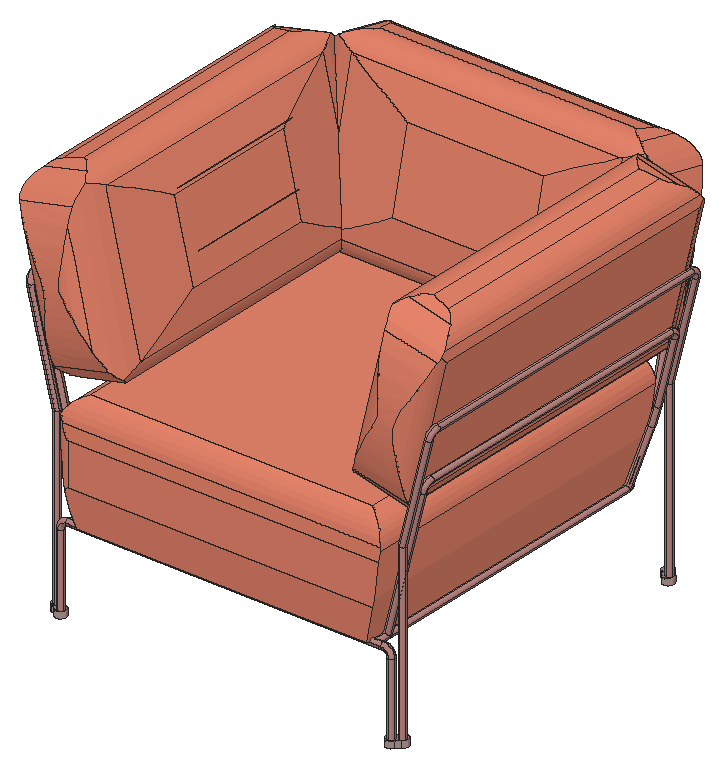
Revit family "FU_Modular_Sandler_Ari 1312", category Furniture, Revit 2020
Family settings
  OmniClass Number = 23.40.20.00
  OmniClass Title = General Furniture and Specialties
  Work Plane-Based = No
  Always vertical = Yes
  Cut with Voids When Loaded = No
  Shared = No
  Room Calculation Point = No
Parameters (values of type "Ari 1312")
  Width = 840 mm
  URL = "https://www.sandlerseating.com/product/ari-1312/"
  Seat [instance] = Fabric - Manhattan - Lexington YI113
  Model = "Ari 1312"
  Manufacturer = "Sandler"
  Height = 780 mm
  Frame [instance] = Metal - Paint -AL VR - Coral Red
  Description = "Indoor armchair that features a double backrest support made of steel tubing. This elegant upholstered chair is part of the Ari range of indoor modular seating."
  Depth = 780 mm
  Default Elevation = 0 mm
  Back [instance] = Fabric - Manhattan - Lexington YI113
Reference planes
  plane 1 "Center (Front/Back)": y = 0
  plane 2: z = 0
  plane 3 "Center (Left/Right)": x = 0
  plane 4 "Right": x = -360
  plane 5 "Left": x = 360
  plane 6 "Back": y = 390
  plane 7 "Front": y = -390
  plane 8 "Height": z = 780
  plane 9 "Seat height": z = 420
  plane 10 "Frame Front C TOP": y = -372.654
  plane 11 "Frame Left C TOP": x = 337.638
  plane 12 "Feet Right": z = 12
  plane 13 "Frame Height C RIGHT": z = 173.508
  plane 14 "Right Arm": x = -420
  plane 15 "Frame Back AC RIGHT": through (4267.2, 277.413, 181.26) normal (0, -0.9703, 0.2421)
  plane 16 "Frame Back C RIGHT": y = 321.991
  plane 17 "Center L/T": x = 420
Forms (mm)
  Extrusion 1, solid, material "Fabric - Manhattan - Lexington YI113" <- "Seat"
    sketch origin (0, 0, 173.508) x (1, 0, 0) y (0, 1, 0)
      loop
        arc (-313.239, 303.733) -> (-336.927, 293.921) -> (-346.739, 270.233) r 33.5
        line (-346.739, 270.233) -> (-346.739, -356.5)
        arc (-346.739, -356.5) -> (-336.927, -380.188) -> (-313.239, -390) r 33.5
        line (-313.239, -390) -> (313.204, -390)
        arc (313.204, -390) -> (336.892, -380.188) -> (346.704, -356.5) r 33.5
        line (346.704, -356.5) -> (346.704, 270.233)
        arc (346.704, 270.233) -> (336.892, 293.921) -> (313.204, 303.733) r 33.5
        line (313.204, 303.733) -> (-313.239, 303.733)
    from 0 to 233.363
  Sweep 2, solid, material "Metal - Paint -AL VR - Coral Red" <- "Frame"
    path origin (0, -372.654, 0) x (1, 0, 0) y (0, 0, 1)
      loop
        line (-341.388, 12) -> (-341.388, 158.008)
        arc (-341.388, 158.008) -> (-336.848, 168.968) -> (-325.888, 173.508) r 15.5
        line (-325.888, 173.508) -> (308.101, 173.508)
        arc (308.101, 173.508) -> (319.061, 168.968) -> (323.601, 158.008) r 15.5
        line (323.601, 158.008) -> (323.601, 12)
    profile "Pro_Circles : 13mm" origin (-341.388, -372.654, 85.004) x (-1, 0, 0) y (0, -1, 0)
      loop
        arc (-6.467, 0.067) -> (-4.64, -4.545) -> (-0.067, -6.467) r 6.401
        arc (-0.067, -6.467) -> (4.593, -4.594) -> (6.467, 0.067) r 6.402
        arc (6.467, 0.067) -> (4.545, 4.64) -> (-0.067, 6.467) r 6.401
        arc (-0.067, 6.467) -> (-4.592, 4.592) -> (-6.467, 0.067) r 6.4
  Sweep 3, solid, material "Metal - Paint -AL VR - Coral Red" <- "Frame"
    path origin (0, 321.991, 0) x (0, 0, 1) y (1, 0, 0)
      loop
        line (12, -343.741) -> (420, -343.741)
    profile "Pro_Circles : 13mm" origin (-343.741, 321.991, 216) x (1, 0, 0) y (0, 1, 0)
      loop
        arc (-6.467, 0.067) -> (-4.64, -4.545) -> (-0.067, -6.467) r 6.401
        arc (-0.067, -6.467) -> (4.593, -4.594) -> (6.467, 0.067) r 6.402
        arc (6.467, 0.067) -> (4.545, 4.64) -> (-0.067, 6.467) r 6.401
        arc (-0.067, 6.467) -> (-4.592, 4.592) -> (-6.467, 0.067) r 6.4
  Sweep 4, solid, material "Metal - Paint -AL VR - Coral Red" <- "Frame"
    path origin (-17.502, 321.991, 0) x (0, 0, 1) y (-1, 0, 0)
      loop
        line (12, -343.741) -> (420, -343.741)
    profile "Pro_Circles : 13mm" origin (326.238, 321.991, 216) x (1, 0, 0) y (0, 1, 0)
      loop
        arc (6.467, 0.067) -> (4.592, 4.592) -> (0.067, 6.467) r 6.4
        arc (0.067, 6.467) -> (-4.545, 4.64) -> (-6.467, 0.067) r 6.401
        arc (-6.467, 0.067) -> (-4.593, -4.594) -> (0.067, -6.467) r 6.402
        arc (0.067, -6.467) -> (4.64, -4.545) -> (6.467, 0.067) r 6.401
  Sweep 5, solid, material "Metal - Paint -AL VR - Coral Red" <- "Frame"
    path origin (0, 218.581, -54.537) x (0, -0.242083, -0.970256) y (1, 0, 0)
      loop
        line (-392.584, -343.94) -> (-642.584, -343.94)
        arc (-642.584, -343.94) -> (-653.544, -339.4) -> (-658.084, -328.44) r 15.5
        line (-658.084, -328.44) -> (-658.084, 310.706)
        arc (-658.084, 310.706) -> (-653.544, 321.666) -> (-642.584, 326.206) r 15.5
        line (-642.584, 326.206) -> (-392.584, 326.206)
    profile "Pro_Circles : 13mm" origin (-343.94, 343.879, 447.652) x (-1, 0, 0) y (0, -0.970256, 0.242083)
      loop
        arc (-6.467, 0.067) -> (-4.64, -4.545) -> (-0.067, -6.467) r 6.401
        arc (-0.067, -6.467) -> (4.593, -4.594) -> (6.467, 0.067) r 6.402
        arc (6.467, 0.067) -> (4.545, 4.64) -> (-0.067, 6.467) r 6.401
        arc (-0.067, 6.467) -> (-4.592, 4.592) -> (-6.467, 0.067) r 6.4
  Extrusion 6, void
    sketch origin (0, 0, 0) x (0, 1, 0) y (0, 0, 1)
      loop
        line (297.177, 362.973) -> (297.177, 316.005) -> (346.804, 316.005) -> (346.804, 356.876) -> (297.177, 362.973)
    from -420 to 360
  Extrusion 7, void
    sketch origin (0, 0, 0) x (0, 1, 0) y (0, 0, 1)
      loop
        line (297.177, 362.973) -> (346.804, 356.876) -> (346.804, 423.527) -> (297.177, 423.527) -> (297.177, 362.973)
    from -420 to 360
  Sweep 8, solid, material "Metal - Paint -AL VR - Coral Red" <- "Frame"
    path origin (0, 218.581, -54.537) x (0, -0.242083, -0.970256) y (1, 0, 0)
      loop
        line (-235.112, -297.339) -> (-350.831, -321.742)
        arc (-350.831, -321.742) -> (-370.032, -324.759) -> (-389.442, -325.768) r 187.127
        line (-389.442, -325.768) -> (-528.112, -325.768)
        arc (-528.112, -325.768) -> (-539.072, -321.229) -> (-543.612, -310.268) r 15.5
        line (-543.612, -310.268) -> (-543.612, 291.731)
        arc (-543.612, 291.731) -> (-539.072, 302.691) -> (-528.112, 307.231) r 15.5
        line (-528.112, 307.231) -> (-391.142, 307.231)
        arc (-391.142, 307.231) -> (-371.665, 306.214) -> (-352.4, 303.176) r 187.1
        line (-352.4, 303.176) -> (-233.557, 278.022)
    profile "Pro_Circles : 13mm" origin (-9.269, 350.18, 472.905) x (0, 0.242083, 0.970256) y (0, -0.970256, 0.242083)
      loop
        arc (-6.467, 0.067) -> (-4.64, -4.545) -> (-0.067, -6.467) r 6.401
        arc (-0.067, -6.467) -> (4.593, -4.594) -> (6.467, 0.067) r 6.402
        arc (6.467, 0.067) -> (4.545, 4.64) -> (-0.067, 6.467) r 6.401
        arc (-0.067, 6.467) -> (-4.592, 4.592) -> (-6.467, 0.067) r 6.4
  Sweep 9, solid, material "Metal - Paint -AL VR - Coral Red" <- "Frame"
    path origin (-357.841, -35.2, 0) x (0, 0, 1) y (0, 1, 0)
      loop
        line (12, 343.741) -> (420, 343.741)
    profile "Pro_Circles : 13mm" origin (-357.841, 308.541, 216) x (0, 1, 0) y (-1, 0, 0)
      loop
        arc (6.467, 0.067) -> (4.592, 4.592) -> (0.067, 6.467) r 6.4
        arc (0.067, 6.467) -> (-4.545, 4.64) -> (-6.467, 0.067) r 6.401
        arc (-6.467, 0.067) -> (-4.593, -4.594) -> (0.067, -6.467) r 6.402
        arc (0.067, -6.467) -> (4.64, -4.545) -> (6.467, 0.067) r 6.401
  Sweep 10, solid, material "Metal - Paint -AL VR - Coral Red" <- "Frame"
    path origin (-357.841, -17.697, 0) x (0, 0, 1) y (0, 1, 0)
      loop
        line (12, -343.741) -> (420, -343.741)
    profile "Pro_Circles : 13mm" origin (-357.841, -361.438, 216) x (0, 1, 0) y (-1, 0, 0)
      loop
        arc (-6.467, 0.067) -> (-4.64, -4.545) -> (-0.067, -6.467) r 6.401
        arc (-0.067, -6.467) -> (4.593, -4.594) -> (6.467, 0.067) r 6.402
        arc (6.467, 0.067) -> (4.545, 4.64) -> (-0.067, 6.467) r 6.401
        arc (-0.067, 6.467) -> (-4.592, 4.592) -> (-6.467, 0.067) r 6.4
  Sweep 11, solid, material "Metal - Paint -AL VR - Coral Red" <- "Frame"
    path origin (-254.43, -35.2, -54.537) x (0.242083, 0, -0.970256) y (0, 1, 0)
      loop
        line (-392.584, 343.94) -> (-642.584, 343.94)
        arc (-642.584, 343.94) -> (-653.544, 339.4) -> (-658.084, 328.44) r 15.5
        line (-658.084, 328.44) -> (-658.084, -310.706)
        arc (-658.084, -310.706) -> (-653.544, -321.666) -> (-642.584, -326.206) r 15.5
        line (-642.584, -326.206) -> (-392.584, -326.206)
    profile "Pro_Circles : 13mm" origin (-379.729, -361.405, 447.652) x (0, -1, 0) y (0.970256, 0, 0.242083)
      loop
        arc (6.467, 0.067) -> (4.592, 4.592) -> (0.067, 6.467) r 6.4
        arc (0.067, 6.467) -> (-4.545, 4.64) -> (-6.467, 0.067) r 6.401
        arc (-6.467, 0.067) -> (-4.593, -4.594) -> (0.067, -6.467) r 6.402
        arc (0.067, -6.467) -> (4.64, -4.545) -> (6.467, 0.067) r 6.401
  Extrusion 12, void
    sketch origin (-35.85, -35.2, 0) x (-1, 0, 0) y (0, 0, -1)
      loop
        line (297.177, -362.973) -> (346.804, -356.876) -> (346.804, -316.005) -> (297.177, -316.005) -> (297.177, -362.973)
    from -425.2 to 354.8
  Extrusion 13, void
    sketch origin (-35.85, -35.2, 0) x (-1, 0, 0) y (0, 0, -1)
      loop
        line (297.177, -362.973) -> (297.177, -423.527) -> (346.804, -423.527) -> (346.804, -356.876) -> (297.177, -362.973)
    from -425.2 to 354.8
  Sweep 14, solid, material "Metal - Paint -AL VR - Coral Red" <- "Frame"
    path origin (-254.43, -35.2, -54.537) x (0.242083, 0, -0.970256) y (0, 1, 0)
      loop
        line (-235.112, 297.339) -> (-350.831, 321.742)
        arc (-350.831, 321.742) -> (-370.032, 324.759) -> (-389.442, 325.768) r 187.127
        line (-389.442, 325.768) -> (-528.112, 325.768)
        arc (-528.112, 325.768) -> (-539.072, 321.229) -> (-543.612, 310.268) r 15.5
        line (-543.612, 310.268) -> (-543.612, -291.731)
        arc (-543.612, -291.731) -> (-539.072, -302.691) -> (-528.112, -307.231) r 15.5
        line (-528.112, -307.231) -> (-235.507, -307.231)
    profile "Pro_Circles : 13mm" origin (-386.03, -25.931, 472.905) x (0.242083, 0, -0.970256) y (0.970256, 0, 0.242083)
      loop
        arc (6.467, 0.067) -> (4.592, 4.592) -> (0.067, 6.467) r 6.4
        arc (0.067, 6.467) -> (-4.545, 4.64) -> (-6.467, 0.067) r 6.401
        arc (-6.467, 0.067) -> (-4.593, -4.594) -> (0.067, -6.467) r 6.402
        arc (0.067, -6.467) -> (4.64, -4.545) -> (6.467, 0.067) r 6.401
  Sweep 15, solid, material "Metal - Paint -AL VR - Coral Red" <- "Frame"
    path origin (0, 0, 173.508) x (1, 0, 0) y (0, 1, 0)
      loop
        line (-310.747, -372.654) -> (-310.747, 260.072)
        arc (-310.747, 260.072) -> (-306.208, 271.032) -> (-295.247, 275.572) r 15.5
        line (-295.247, 275.572) -> (276.364, 275.572)
        arc (276.364, 275.572) -> (287.325, 271.032) -> (291.864, 260.072) r 15.5
        line (291.864, 260.072) -> (291.864, -372.654)
    profile "Pro_Circles : 13mm" origin (-9.441, 275.572, 173.508) x (0, 1, 0) y (0, 0, 1)
      loop
        arc (-6.467, 0.067) -> (-4.64, -4.545) -> (-0.067, -6.467) r 6.401
        arc (-0.067, -6.467) -> (4.593, -4.594) -> (6.467, 0.067) r 6.402
        arc (6.467, 0.067) -> (4.545, 4.64) -> (-0.067, 6.467) r 6.401
        arc (-0.067, 6.467) -> (-4.592, 4.592) -> (-6.467, 0.067) r 6.4
  Extrusion 16, void
    sketch origin (0, 23.028, -0.944) x (0, 1, 0) y (0, 0, 1)
      loop
        arc (279.345, 364.934) -> (266.59, 262.706) -> (239.146, 163.408) r 708.516
        line (239.146, 163.408) -> (325.45, 163.408) -> (325.45, 441.519) -> (222.591, 441.519) -> (222.591, 423.086)
        arc (222.591, 423.086) -> (263.219, 405.967) -> (279.345, 364.934) r 56.771
    from -360 to 360
  Extrusion 17, void
    sketch origin (-43.011, -148.912, -13.78) x (-1, 0, 0) y (0, 0, 1)
      loop
        arc (290.858, 364.836) -> (278.103, 262.608) -> (250.659, 163.311) r 708.516
        line (250.659, 163.311) -> (336.963, 163.311) -> (336.963, 441.421) -> (234.104, 441.421) -> (234.104, 422.988)
        arc (234.104, 422.988) -> (274.732, 405.869) -> (290.858, 364.836) r 56.771
    from -241.088 to 538.912
  Extrusion 18, solid, material "Rubber, Black"
    sketch origin (-35.941, -8.051, 0) x (-0.993563, 0.113279, 0) y (-0.113279, -0.993563, 0)
      loop
        arc (-324.942, -350.4) -> (-342.844, -347.544) -> (-338.901, -365.238) r 10.957
        arc (-338.901, -365.238) -> (-334.399, -367.677) -> (-331.489, -371.888) r 11
        arc (-331.489, -371.888) -> (-313.526, -375.765) -> (-317.057, -357.734) r 11
        arc (-317.057, -357.734) -> (-321.958, -355.098) -> (-324.942, -350.4) r 11
    from 0 to 12
  Extrusion 19, solid, material "Rubber, Black"
    sketch origin (16.177, -7.113, 0) x (0.993563, 0.113279, 0) y (-0.113279, 0.993563, 0)
      loop
        arc (-324.942, 350.4) -> (-321.958, 355.098) -> (-317.057, 357.734) r 11
        arc (-317.057, 357.734) -> (-313.526, 375.765) -> (-331.489, 371.888) r 11
        arc (-331.489, 371.888) -> (-334.399, 367.677) -> (-338.901, 365.238) r 11
        arc (-338.901, 365.238) -> (-342.844, 347.544) -> (-324.942, 350.4) r 10.957
    from 0 to 12
  Extrusion 20, solid, material "Rubber, Black"
    sketch origin (-71.376, 34.585, 0) x (0.991455, 0.130451, 0) y (-0.130451, 0.991455, 0)
      loop
        arc (-324.942, -350.4) -> (-342.844, -347.544) -> (-338.901, -365.238) r 10.957
        arc (-338.901, -365.238) -> (-334.399, -367.677) -> (-331.489, -371.888) r 11
        arc (-331.489, -371.888) -> (-313.526, -375.765) -> (-317.057, -357.734) r 11
        arc (-317.057, -357.734) -> (-321.958, -355.098) -> (-324.942, -350.4) r 11
    from 0 to 12
  Extrusion 21, solid, material "Rubber, Black"
    sketch origin (-2.069, -8.413, 0) x (-0.99993, -0.01187, 0) y (0.01187, -0.99993, 0)
      loop
        arc (-324.942, 350.4) -> (-321.958, 355.098) -> (-317.057, 357.734) r 11
        arc (-317.057, 357.734) -> (-313.526, 375.765) -> (-331.489, 371.888) r 11
        arc (-331.489, 371.888) -> (-334.399, 367.677) -> (-338.901, 365.238) r 11
        arc (-338.901, 365.238) -> (-342.844, 347.544) -> (-324.942, 350.4) r 10.957
    from 0 to 12
  Sweep 22, solid, material "Metal - Paint -AL VR - Coral Red" <- "Frame"
    path origin (337.572, -35.2, 0) x (0, 0, 1) y (0, -1, 0)
      loop
        line (12, -343.741) -> (420, -343.741)
    profile "Pro_Circles : 13mm" origin (337.572, 308.541, 216) x (0, -1, 0) y (1, 0, 0)
      loop
        arc (-6.467, 0.067) -> (-4.64, -4.545) -> (-0.067, -6.467) r 6.401
        arc (-0.067, -6.467) -> (4.593, -4.594) -> (6.467, 0.067) r 6.402
        arc (6.467, 0.067) -> (4.545, 4.64) -> (-0.067, 6.467) r 6.401
        arc (-0.067, 6.467) -> (-4.592, 4.592) -> (-6.467, 0.067) r 6.4
  Sweep 23, solid, material "Metal - Paint -AL VR - Coral Red" <- "Frame"
    path origin (337.572, -17.697, 0) x (0, 0, 1) y (0, -1, 0)
      loop
        line (12, 343.741) -> (420, 343.741)
    profile "Pro_Circles : 13mm" origin (337.572, -361.438, 216) x (0, -1, 0) y (1, 0, 0)
      loop
        arc (6.467, 0.067) -> (4.592, 4.592) -> (0.067, 6.467) r 6.4
        arc (0.067, 6.467) -> (-4.545, 4.64) -> (-6.467, 0.067) r 6.401
        arc (-6.467, 0.067) -> (-4.593, -4.594) -> (0.067, -6.467) r 6.402
        arc (0.067, -6.467) -> (4.64, -4.545) -> (6.467, 0.067) r 6.401
  Sweep 24, solid, material "Metal - Paint -AL VR - Coral Red" <- "Frame"
    path origin (234.161, -35.2, -54.537) x (-0.242083, 0, -0.970256) y (0, -1, 0)
      loop
        line (-392.584, -343.94) -> (-642.584, -343.94)
        arc (-642.584, -343.94) -> (-653.544, -339.4) -> (-658.084, -328.44) r 15.5
        line (-658.084, -328.44) -> (-658.084, 310.706)
        arc (-658.084, 310.706) -> (-653.544, 321.666) -> (-642.584, 326.206) r 15.5
        line (-642.584, 326.206) -> (-392.584, 326.206)
    profile "Pro_Circles : 13mm" origin (359.46, 308.74, 447.652) x (0, 1, 0) y (-0.970256, 0, 0.242083)
      loop
        arc (-6.467, 0.067) -> (-4.64, -4.545) -> (-0.067, -6.467) r 6.401
        arc (-0.067, -6.467) -> (4.593, -4.594) -> (6.467, 0.067) r 6.402
        arc (6.467, 0.067) -> (4.545, 4.64) -> (-0.067, 6.467) r 6.401
        arc (-0.067, 6.467) -> (-4.592, 4.592) -> (-6.467, 0.067) r 6.4
  Extrusion 25, void
    sketch origin (15.581, -35.2, 0) x (1, 0, 0) y (0, 0, 1)
      loop
        line (297.177, 362.973) -> (297.177, 316.005) -> (346.804, 316.005) -> (346.804, 356.876) -> (297.177, 362.973)
    from -425.2 to 354.8
  Extrusion 26, void
    sketch origin (15.581, -35.2, 0) x (1, 0, 0) y (0, 0, 1)
      loop
        line (297.177, 362.973) -> (346.804, 356.876) -> (346.804, 423.527) -> (297.177, 423.527) -> (297.177, 362.973)
    from -425.2 to 354.8
  Sweep 27, solid, material "Metal - Paint -AL VR - Coral Red" <- "Frame"
    path origin (234.161, -35.2, -54.537) x (-0.242083, 0, -0.970256) y (0, -1, 0)
      loop
        line (-235.112, -297.339) -> (-350.831, -321.742)
        arc (-350.831, -321.742) -> (-370.032, -324.759) -> (-389.442, -325.768) r 187.127
        line (-389.442, -325.768) -> (-528.112, -325.768)
        arc (-528.112, -325.768) -> (-539.072, -321.229) -> (-543.612, -310.268) r 15.5
        line (-543.612, -310.268) -> (-543.612, 291.731)
        arc (-543.612, 291.731) -> (-539.072, 302.691) -> (-528.112, 307.231) r 15.5
        line (-528.112, 307.231) -> (-235.507, 307.231)
    profile "Pro_Circles : 13mm" origin (365.76, -25.931, 472.905) x (0.242083, 0, 0.970256) y (-0.970256, 0, 0.242083)
      loop
        arc (-6.467, 0.067) -> (-4.64, -4.545) -> (-0.067, -6.467) r 6.401
        arc (-0.067, -6.467) -> (4.593, -4.594) -> (6.467, 0.067) r 6.402
        arc (6.467, 0.067) -> (4.545, 4.64) -> (-0.067, 6.467) r 6.401
        arc (-0.067, 6.467) -> (-4.592, 4.592) -> (-6.467, 0.067) r 6.4
  Extrusion 28, void
    sketch origin (0, 0, 0) x (0, 1, 0) y (0, 0, 1)
      loop
        arc (-387.696, 358.875) -> (-378.325, 386.293) -> (-357.927, 406.871) r 64.696
        line (-357.927, 406.871) -> (-357.927, 429.285) -> (-409.598, 429.285) -> (-409.598, 144.166) -> (-375.683, 144.166)
        arc (-375.683, 144.166) -> (-390.262, 251.041) -> (-387.696, 358.875) r 677.536
    from -360 to 360
  Extrusion 29, void
    sketch origin (23.265, -148.912, -13.78) x (1, 0, 0) y (0, 0, -1)
      loop
        arc (290.858, -364.836) -> (274.732, -405.869) -> (234.104, -422.988) r 56.771
        line (234.104, -422.988) -> (234.104, -441.421) -> (336.963, -441.421) -> (336.963, -163.311) -> (250.659, -163.311)
        arc (250.659, -163.311) -> (278.103, -262.608) -> (290.858, -364.836) r 708.516
    from -241.088 to 538.912
Cuts and joins
  Extrusion 16, Extrusion 17, Extrusion 28, Extrusion 29 cuts Extrusion 1
  Extrusion 13, Extrusion 25, Extrusion 26 cuts Sweep 10
  Extrusion 12, Extrusion 25, Extrusion 26 cuts Sweep 11
  Extrusion 13, Extrusion 25, Extrusion 26 cuts Sweep 9
  Extrusion 7 cuts Sweep 4
  Extrusion 6 cuts Sweep 5
  Extrusion 7, Extrusion 25 cuts Sweep 3
  Extrusion 25 cuts Sweep 14
  Extrusion 25 cuts Sweep 24
  Extrusion 26 cuts Sweep 22
  Extrusion 26 cuts Sweep 23
Dimensions and locks
  equal spacing: plane 14 "Right Arm", plane 3 "Center (Left/Right)", plane 17 "Center L/T"
  "Width": plane 14 "Right Arm" to plane 17 "Center L/T"
  equal spacing: plane 6 "Back", plane 1 "Center (Front/Back)", plane 7 "Front"
  "Depth": plane 6 "Back" to plane 7 "Front"
  "Height": plane 8 "Height" to level
  plane 9 "Seat height" to level = 420 mm
  aligned and locked: level to plane 2
Automatic sketch dimensions
  Extrusion 1 sketch curve to plane 7 "Front" = 0 mm
  Extrusion 1 sketch curve to plane 4 "Right" = 13.261 mm
  Extrusion 1 sketch curve to plane 4 "Right" = 46.761 mm
  Extrusion 1 sketch curve to Extrusion 1 sketch curve = 33.5 mm
  plane 11 "Frame Left C TOP" to Extrusion 1 sketch curve = 24.434 mm  (x2)
  Extrusion 1 sketch curve to plane 11 "Frame Left C TOP" = 9.066 mm
  Extrusion 1 sketch curve to plane 16 "Frame Back C RIGHT" = 51.758 mm
  Sweep 2 sketch curve to plane 12 "Feet Right" = 0 mm  (x2)
  Sweep 2 sketch curve to plane 13 "Frame Height C RIGHT" = 0 mm
  Sweep 2 sketch curve to plane 4 "Right" = 18.612 mm
  plane 13 "Frame Height C RIGHT" to Sweep 2 sketch curve = 15.5 mm
  plane 11 "Frame Left C TOP" to Sweep 2 sketch curve = 29.538 mm
  plane 11 "Frame Left C TOP" to Sweep 2 sketch curve = 14.038 mm
  Sweep 3 sketch curve to plane 12 "Feet Right" = 0 mm
  Sweep 3 sketch curve to plane 9 "Seat height" = 0 mm
  Sweep 3 sketch curve to plane 4 "Right" = 16.259 mm
  Sweep 4 sketch curve to plane 12 "Feet Right" = 0 mm
  Sweep 4 sketch curve to plane 9 "Seat height" = 0 mm
  Sweep 4 sketch curve to plane 11 "Frame Left C TOP" = 11.4 mm
  Sweep 5 sketch curve to plane 4 "Right" = 31.56 mm
  Sweep 5 sketch curve to plane 4 "Right" = 16.06 mm
  plane 11 "Frame Left C TOP" to Sweep 5 sketch curve = 11.433 mm
  Sweep 5 sketch curve to Sweep 5 sketch curve = 15.5 mm
  Sweep 5 sketch curve to Sweep 5 sketch curve = 250 mm  (x2)
  Extrusion 6 sketch curve to plane 16 "Frame Back C RIGHT" = 24.814 mm
  plane 16 "Frame Back C RIGHT" to Extrusion 6 sketch curve = 24.813 mm
  Extrusion 6 sketch curve to plane 9 "Seat height" = 103.995 mm
  Extrusion 6 sketch curve to Extrusion 6 sketch curve = 40.871 mm
  Extrusion 6 sketch curve to Extrusion 6 sketch curve = 46.968 mm
  plane 9 "Seat height" to Extrusion 7 sketch curve = 3.527 mm
  Extrusion 7 sketch curve to plane 16 "Frame Back C RIGHT" = 24.814 mm
  plane 16 "Frame Back C RIGHT" to Extrusion 7 sketch curve = 24.813 mm
  Extrusion 7 sketch curve to plane 9 "Seat height" = 57.027 mm
  Extrusion 7 sketch curve to Extrusion 7 sketch curve = 6.098 mm
  Sweep 9 sketch curve to plane 12 "Feet Right" = 0 mm
  Sweep 9 sketch curve to plane 9 "Seat height" = 0 mm
  Sweep 9 sketch curve to plane 16 "Frame Back C RIGHT" = 13.45 mm
  Sweep 10 sketch curve to plane 12 "Feet Right" = 0 mm
  Sweep 10 sketch curve to plane 9 "Seat height" = 0 mm
  Sweep 10 sketch curve to plane 10 "Frame Front C TOP" = 11.216 mm
  Sweep 11 sketch curve to plane 16 "Frame Back C RIGHT" = 28.751 mm
  Sweep 11 sketch curve to plane 16 "Frame Back C RIGHT" = 13.251 mm
  Sweep 11 sketch curve to plane 10 "Frame Front C TOP" = 11.249 mm
  Sweep 11 sketch curve to Sweep 11 sketch curve = 15.5 mm
  Sweep 11 sketch curve to Sweep 11 sketch curve = 250 mm  (x2)
  Extrusion 12 sketch curve to plane 4 "Right" = 26.973 mm
  plane 4 "Right" to Extrusion 12 sketch curve = 22.654 mm
  Extrusion 12 sketch curve to plane 9 "Seat height" = 57.027 mm
  Extrusion 12 sketch curve to Extrusion 12 sketch curve = 6.098 mm
  Extrusion 12 sketch curve to Extrusion 12 sketch curve = 40.871 mm
  plane 9 "Seat height" to Extrusion 13 sketch curve = 3.527 mm
  Extrusion 13 sketch curve to plane 4 "Right" = 26.973 mm
  plane 4 "Right" to Extrusion 13 sketch curve = 22.654 mm
  Extrusion 13 sketch curve to plane 9 "Seat height" = 57.027 mm
  Extrusion 13 sketch curve to Extrusion 13 sketch curve = 6.098 mm
  Sweep 14 sketch curve to plane 16 "Frame Back C RIGHT" = 46.922 mm
  Sweep 14 sketch curve to Sweep 14 sketch curve = 15.5 mm  (x2)
  Sweep 14 sketch curve to Sweep 14 sketch curve = 138.669 mm
  Sweep 14 sketch curve to plane 16 "Frame Back C RIGHT" = 35.449 mm
  Sweep 14 sketch curve to Sweep 14 sketch curve = 38.611 mm
  Sweep 14 sketch curve to plane 10 "Frame Front C TOP" = 45.724 mm
  Sweep 14 sketch curve to Sweep 14 sketch curve = 292.605 mm
  Sweep 14 sketch curve to plane 16 "Frame Back C RIGHT" = 59.852 mm
  Sweep 14 sketch curve to Sweep 14 sketch curve = 115.719 mm
  Extrusion 16 sketch curve to plane 7 "Front" = 15.21 mm
  plane 9 "Seat height" to Extrusion 16 sketch curve = 20.575 mm
  Extrusion 16 sketch curve to plane 16 "Frame Back C RIGHT" = 76.373 mm
  plane 13 "Frame Height C RIGHT" to Extrusion 16 sketch curve = 11.043 mm
  Extrusion 16 sketch curve to plane 16 "Frame Back C RIGHT" = 59.818 mm
  plane 16 "Frame Back C RIGHT" to Extrusion 16 sketch curve = 26.486 mm
  Extrusion 16 sketch curve to plane 9 "Seat height" = 54.628 mm
  Extrusion 16 sketch curve to plane 9 "Seat height" = 19.638 mm
  Extrusion 16 sketch curve to Extrusion 16 sketch curve = 18.433 mm
  Extrusion 17 sketch curve to plane 5 "Left" = 13.713 mm
  plane 9 "Seat height" to Extrusion 17 sketch curve = 7.641 mm
  Extrusion 17 sketch curve to plane 4 "Right" = 82.885 mm
  plane 13 "Frame Height C RIGHT" to Extrusion 17 sketch curve = 23.977 mm
  Extrusion 17 sketch curve to plane 4 "Right" = 66.33 mm
  plane 4 "Right" to Extrusion 17 sketch curve = 19.974 mm
  Extrusion 17 sketch curve to plane 9 "Seat height" = 67.562 mm
  Extrusion 17 sketch curve to plane 9 "Seat height" = 32.572 mm
  Extrusion 17 sketch curve to Extrusion 17 sketch curve = 18.433 mm
  plane 16 "Frame Back C RIGHT" to Extrusion 18 sketch curve = 4.69 mm
  Extrusion 18 sketch curve to plane 11 "Frame Left C TOP" = 8.544 mm
  Extrusion 18 sketch curve to Extrusion 18 sketch curve = 6.883 mm
  Extrusion 18 sketch curve to Extrusion 18 sketch curve = 13.634 mm
  Extrusion 18 sketch curve to Extrusion 18 sketch curve = 20.396 mm
  Extrusion 18 sketch curve to Extrusion 18 sketch curve = 7.952 mm
  Extrusion 18 sketch curve to Extrusion 18 sketch curve = 12.86 mm
  Extrusion 18 sketch curve to Extrusion 18 sketch curve = 8.009 mm
  Extrusion 18 sketch curve to Extrusion 18 sketch curve = 4.038 mm
  Extrusion 18 sketch curve to Extrusion 18 sketch curve = 7.411 mm
  Extrusion 18 sketch curve to Extrusion 18 sketch curve = 0.004 mm
  Extrusion 18 sketch curve to Extrusion 18 sketch curve = 9.921 mm
  Extrusion 18 sketch curve to Extrusion 18 sketch curve = 7.885 mm
  Extrusion 18 sketch curve to Extrusion 18 sketch curve = 3.975 mm
  plane 16 "Frame Back C RIGHT" to Extrusion 19 sketch curve = 5.628 mm
  plane 4 "Right" to Extrusion 19 sketch curve = 5.946 mm
  Extrusion 19 sketch curve to Extrusion 19 sketch curve = 6.883 mm
  Extrusion 19 sketch curve to Extrusion 19 sketch curve = 13.634 mm
  Extrusion 19 sketch curve to Extrusion 19 sketch curve = 20.396 mm
  Extrusion 19 sketch curve to Extrusion 19 sketch curve = 7.952 mm
  Extrusion 19 sketch curve to Extrusion 19 sketch curve = 12.86 mm
  Extrusion 19 sketch curve to Extrusion 19 sketch curve = 8.009 mm
  Extrusion 19 sketch curve to Extrusion 19 sketch curve = 4.038 mm
  Extrusion 19 sketch curve to Extrusion 19 sketch curve = 7.411 mm
  Extrusion 19 sketch curve to Extrusion 19 sketch curve = 0.004 mm
  Extrusion 19 sketch curve to Extrusion 19 sketch curve = 9.921 mm
  Extrusion 19 sketch curve to Extrusion 19 sketch curve = 7.885 mm
  Extrusion 19 sketch curve to Extrusion 19 sketch curve = 3.975 mm
  plane 4 "Right" to Extrusion 20 sketch curve = 1.17 mm
  plane 7 "Front" to Extrusion 20 sketch curve = 7.352 mm
  Extrusion 20 sketch curve to Extrusion 20 sketch curve = 6.883 mm
  Extrusion 20 sketch curve to Extrusion 20 sketch curve = 13.634 mm
  Extrusion 20 sketch curve to Extrusion 20 sketch curve = 20.396 mm
  Extrusion 20 sketch curve to Extrusion 20 sketch curve = 7.952 mm
  Extrusion 20 sketch curve to Extrusion 20 sketch curve = 12.86 mm
  Extrusion 20 sketch curve to Extrusion 20 sketch curve = 8.009 mm
  Extrusion 20 sketch curve to Extrusion 20 sketch curve = 4.038 mm
  Extrusion 20 sketch curve to Extrusion 20 sketch curve = 7.411 mm
  Extrusion 20 sketch curve to Extrusion 20 sketch curve = 0.004 mm
  Extrusion 20 sketch curve to Extrusion 20 sketch curve = 9.921 mm
  Extrusion 20 sketch curve to Extrusion 20 sketch curve = 7.885 mm
  Extrusion 20 sketch curve to Extrusion 20 sketch curve = 3.975 mm
  Extrusion 21 sketch curve to plane 11 "Frame Left C TOP" = 6.475 mm
  plane 10 "Frame Front C TOP" to Extrusion 21 sketch curve = 7.54 mm
  Extrusion 21 sketch curve to Extrusion 21 sketch curve = 6.883 mm
  Extrusion 21 sketch curve to Extrusion 21 sketch curve = 13.634 mm
  Extrusion 21 sketch curve to Extrusion 21 sketch curve = 20.396 mm
  Extrusion 21 sketch curve to Extrusion 21 sketch curve = 7.952 mm
  Extrusion 21 sketch curve to Extrusion 21 sketch curve = 12.86 mm
  Extrusion 21 sketch curve to Extrusion 21 sketch curve = 8.009 mm
  Extrusion 21 sketch curve to Extrusion 21 sketch curve = 4.038 mm
  Extrusion 21 sketch curve to Extrusion 21 sketch curve = 7.411 mm
  Extrusion 21 sketch curve to Extrusion 21 sketch curve = 0.004 mm
  Extrusion 21 sketch curve to Extrusion 21 sketch curve = 9.921 mm
  Extrusion 21 sketch curve to Extrusion 21 sketch curve = 7.885 mm
  Extrusion 21 sketch curve to Extrusion 21 sketch curve = 3.975 mm
  Sweep 22 sketch curve to plane 12 "Feet Right" = 0 mm
  Sweep 22 sketch curve to plane 9 "Seat height" = 0 mm
  Sweep 22 sketch curve to plane 16 "Frame Back C RIGHT" = 13.45 mm
  Sweep 23 sketch curve to plane 12 "Feet Right" = 0 mm
  Sweep 23 sketch curve to plane 9 "Seat height" = 0 mm
  Sweep 23 sketch curve to plane 10 "Frame Front C TOP" = 11.216 mm
  Sweep 24 sketch curve to plane 16 "Frame Back C RIGHT" = 28.751 mm
  Sweep 24 sketch curve to plane 16 "Frame Back C RIGHT" = 13.251 mm
  Sweep 24 sketch curve to plane 10 "Frame Front C TOP" = 11.249 mm
  Sweep 24 sketch curve to Sweep 24 sketch curve = 15.5 mm
  Sweep 24 sketch curve to Sweep 24 sketch curve = 250 mm  (x2)
  plane 11 "Frame Left C TOP" to Extrusion 25 sketch curve = 24.88 mm
  Extrusion 25 sketch curve to plane 5 "Left" = 2.385 mm
  Extrusion 25 sketch curve to plane 9 "Seat height" = 103.995 mm
  Extrusion 25 sketch curve to Extrusion 25 sketch curve = 40.871 mm
  Extrusion 25 sketch curve to Extrusion 25 sketch curve = 46.968 mm
  plane 9 "Seat height" to Extrusion 26 sketch curve = 3.527 mm
  plane 11 "Frame Left C TOP" to Extrusion 26 sketch curve = 24.88 mm
  Extrusion 26 sketch curve to plane 5 "Left" = 2.385 mm
  Extrusion 26 sketch curve to plane 9 "Seat height" = 57.027 mm
  Extrusion 26 sketch curve to Extrusion 26 sketch curve = 6.098 mm
  Sweep 27 sketch curve to plane 16 "Frame Back C RIGHT" = 46.922 mm
  Sweep 27 sketch curve to Sweep 27 sketch curve = 15.5 mm  (x2)
  Sweep 27 sketch curve to Sweep 27 sketch curve = 138.669 mm
  Sweep 27 sketch curve to plane 16 "Frame Back C RIGHT" = 35.449 mm
  Sweep 27 sketch curve to Sweep 27 sketch curve = 38.611 mm
  Sweep 27 sketch curve to plane 10 "Frame Front C TOP" = 45.724 mm
  Sweep 27 sketch curve to Sweep 27 sketch curve = 292.605 mm
  Sweep 27 sketch curve to plane 16 "Frame Back C RIGHT" = 59.852 mm
  Sweep 27 sketch curve to Sweep 27 sketch curve = 115.719 mm
  Extrusion 28 sketch curve to plane 7 "Front" = 19.598 mm
  plane 10 "Frame Front C TOP" to Extrusion 28 sketch curve = 3.029 mm
  Extrusion 28 sketch curve to plane 10 "Frame Front C TOP" = 14.727 mm
  Extrusion 28 sketch curve to plane 10 "Frame Front C TOP" = 49.308 mm
  Extrusion 28 sketch curve to plane 16 "Frame Back C RIGHT" = 35.775 mm
  plane 13 "Frame Height C RIGHT" to Extrusion 28 sketch curve = 29.342 mm
  Extrusion 28 sketch curve to plane 13 "Frame Height C RIGHT" = 115.381 mm
  Extrusion 28 sketch curve to plane 9 "Seat height" = 67.808 mm
  Extrusion 28 sketch curve to plane 9 "Seat height" = 13.129 mm
  plane 9 "Seat height" to Extrusion 28 sketch curve = 9.285 mm
  plane 4 "Right" to Extrusion 29 sketch curve = 33.46 mm
  plane 9 "Seat height" to Extrusion 29 sketch curve = 7.641 mm
  plane 11 "Frame Left C TOP" to Extrusion 29 sketch curve = 80.27 mm
  plane 11 "Frame Left C TOP" to Extrusion 29 sketch curve = 63.715 mm
  Extrusion 29 sketch curve to plane 5 "Left" = 0.228 mm
  Extrusion 29 sketch curve to plane 9 "Seat height" = 10.791 mm
  Extrusion 29 sketch curve to plane 9 "Seat height" = 32.572 mm
  Extrusion 29 sketch curve to Extrusion 29 sketch curve = 56.771 mm
  level to Extrusion 29 sketch curve = 149.531 mm
  plane 10 "Frame Front C TOP" to Sweep 15 sketch curve = 0 mm  (x2)
  Sweep 15 sketch curve to plane 4 "Right" = 49.253 mm
  Sweep 15 sketch curve to Sweep 15 sketch curve = 15.5 mm  (x2)
  plane 11 "Frame Left C TOP" to Sweep 15 sketch curve = 61.274 mm
  Sweep 15 sketch curve to plane 16 "Frame Back C RIGHT" = 61.919 mm
  Sweep 8 sketch curve to plane 4 "Right" = 49.732 mm
  Sweep 8 sketch curve to Sweep 8 sketch curve = 15.5 mm  (x2)
  plane 11 "Frame Left C TOP" to Sweep 8 sketch curve = 30.407 mm
  Sweep 8 sketch curve to Sweep 8 sketch curve = 136.969 mm
  Sweep 8 sketch curve to Sweep 8 sketch curve = 1.7 mm
  Sweep 8 sketch curve to plane 4 "Right" = 38.258 mm
  Sweep 8 sketch curve to Sweep 8 sketch curve = 38.611 mm
  plane 11 "Frame Left C TOP" to Sweep 8 sketch curve = 34.463 mm
  Sweep 8 sketch curve to Sweep 8 sketch curve = 38.743 mm
  Sweep 8 sketch curve to plane 4 "Right" = 62.661 mm
  Sweep 8 sketch curve to Sweep 8 sketch curve = 115.719 mm
  plane 11 "Frame Left C TOP" to Sweep 8 sketch curve = 59.616 mm
  Sweep 8 sketch curve to Sweep 8 sketch curve = 118.842 mm
Nested families
  nested 1: "Ari Back" at (0, 295.242, 15.923), Back <- "Back", type "Ari Back"
    with Back Fabric - Manhattan - Lexington YI113
  nested 2: "Ari Back" at (-330.733, -29.86, 15.923) x (0, 1, 0) z (0, 0, 1), Back <- "Back", type "Ari Back"
    with Back Fabric - Manhattan - Lexington YI113
  nested 3: "Ari Back" at (310.463, -29.86, 15.923) x (0, 1, 0) z (0, 0, 1), Back <- "Back", type "Ari Back"
    with Back Fabric - Manhattan - Lexington YI113
Definition of nested family "Ari Back"
  Parameters (values of type "Ari Back")
    Width = 720 mm
    Height = 895 mm
    Depth = 503 mm
    Default Elevation = 0 mm
    Back [instance] = none
  Reference planes
    plane 1 "Center (Front/Back)": y = 0
    plane 2: z = 0
    plane 3 "Center (Left/Right)": x = 0
    plane 4 "Right": x = -360
    plane 5 "Left": x = 360
    plane 6 "Back": y = 251.5
    plane 7 "Front": y = -251.5
    plane 8 "Height": z = 895
    plane 9 "Seat height": z = 610
  Forms (mm)
    Extrusion 1, solid, material <- "Back"
      sketch origin (0, -132.764, 15.297) x (1, 0, 0) y (0, 0.973179, -0.23005)
        loop
          line (-362.5, 74.701) -> (-362.5, -74.06) -> (362.5, -74.06) -> (362.5, 74.701) -> (-362.5, 74.701)
      from 389.924 to 767.563
    Extrusion 2, void
      sketch origin (0, -132.764, 15.297) x (1, 0, 0) y (0, 0.973179, -0.23005)
        loop
          line (-310.203, 75.143) -> (-310.203, 79.868) -> (-364.948, 79.868) -> (-364.948, -91.02) -> (-99.416, -91.02) -> (-99.416, -75.542)
          arc (-99.416, -75.542) -> (-185.72, -70.794) -> (-271.607, -61.085) r 1500.401
          arc (-271.607, -61.085) -> (-310.035, -51.019) -> (-345.163, -32.471) r 173.385
          arc (-345.163, -32.471) -> (-355.968, -17.765) -> (-360.14, 0) r 45.595
          line (-360.14, 0) -> (-360.596, 24.202)
          arc (-360.596, 24.202) -> (-346.151, 60.308) -> (-310.203, 75.143) r 50
        loop
          arc (310.203, 75.143) -> (346.151, 60.308) -> (360.596, 24.202) r 50
          line (360.596, 24.202) -> (360.14, 0)
          arc (360.14, 0) -> (355.968, -17.765) -> (345.163, -32.471) r 45.595
          arc (345.163, -32.471) -> (310.035, -51.019) -> (271.607, -61.085) r 173.385
          arc (271.607, -61.085) -> (185.72, -70.794) -> (99.416, -75.542) r 1500.401
          line (99.416, -75.542) -> (99.416, -91.02) -> (364.948, -91.02) -> (364.948, 79.868) -> (310.203, 79.868) -> (310.203, 75.143)
      from 376.711 to 778.071
    Extrusion 3, void
      sketch origin (0, -132.764, 15.297) x (1, 0, 0) y (0, 0.23005, 0.973179)
        loop
          arc (-333.96, 716.373) -> (-314.814, 741.929) -> (-287.697, 758.789) r 86.435
          arc (-287.697, 758.789) -> (-252.656, 768.112) -> (-216.501, 770.87) r 197.455
          line (-216.501, 770.87) -> (-216.501, 777.709) -> (-370.298, 777.709) -> (-370.298, 376.009) -> (-216.501, 376.009) -> (-216.501, 385.996)
          arc (-216.501, 385.996) -> (-242.472, 387.863) -> (-268.162, 392.109) r 283.002
          arc (-268.162, 392.109) -> (-302.445, 405.044) -> (-328.289, 431.019) r 86.435
          spline (-328.289, 431.019) -> (-337.16, 449.647) -> (-344.765, 470.723) -> (-350.96, 493.848) -> (-355.627, 518.588) -> (-358.679, 544.474) -> (-360.057, 571.019) -> (-359.737, 597.721) -> (-357.724, 624.076) -> (-354.055, 649.587) -> (-348.801, 673.772) -> (-342.06, 696.175) -> (-333.96, 716.373)
        loop
          spline (333.96, 716.373) -> (342.06, 696.175) -> (348.801, 673.772) -> (354.055, 649.587) -> (357.724, 624.076) -> (359.737, 597.721) -> (360.057, 571.019) -> (358.679, 544.474) -> (355.627, 518.588) -> (350.96, 493.848) -> (344.765, 470.723) -> (337.16, 449.647) -> (328.289, 431.019)
          arc (328.289, 431.019) -> (302.445, 405.044) -> (268.162, 392.109) r 86.435
          arc (268.162, 392.109) -> (242.472, 387.863) -> (216.501, 385.996) r 283.002
          line (216.501, 385.996) -> (216.501, 376.009) -> (370.298, 376.009) -> (370.298, 777.709) -> (216.501, 777.709) -> (216.501, 770.87)
          arc (216.501, 770.87) -> (252.656, 768.112) -> (287.697, 758.789) r 197.455
          arc (287.697, 758.789) -> (314.814, 741.929) -> (333.96, 716.373) r 86.435
      from -88.411 to 87.877
    Extrusion 4, void
      sketch origin (0, -132.764, 15.297) x (0, 0.973179, -0.23005) y (0, 0.23005, 0.973179)
        loop
          arc (-61.397, 729.537) -> (-71.742, 680.053) -> (-75.437, 629.634) r 380.549
          line (-75.437, 629.634) -> (-88.369, 629.634) -> (-88.369, 778.183) -> (89.567, 778.183) -> (89.567, 676.12) -> (79.458, 676.12)
          arc (79.458, 676.12) -> (76.502, 705.709) -> (68.783, 734.428) r 182.681
          arc (68.783, 734.428) -> (50.774, 756.428) -> (23.805, 765.426) r 51.189
          line (23.805, 765.426) -> (-12.114, 766.886)
          arc (-12.114, 766.886) -> (-43.061, 756.472) -> (-61.416, 729.468) r 51.189
        loop
          arc (68.783, 424.075) -> (50.774, 402.074) -> (23.805, 393.076) r 51.189
          line (23.805, 393.076) -> (-12.114, 391.617)
          arc (-12.114, 391.617) -> (-43.09, 402.052) -> (-61.435, 429.104) r 51.189
          arc (-61.435, 429.104) -> (-71.752, 478.521) -> (-75.437, 528.868) r 380.549
          line (-75.437, 528.868) -> (-88.369, 528.868) -> (-88.369, 380.319) -> (89.567, 380.319) -> (89.567, 482.383) -> (79.458, 482.383)
          arc (79.458, 482.383) -> (76.502, 452.793) -> (68.783, 424.075) r 182.681
      from -402.712 to 386.758
  Cuts and joins
    Extrusion 2, Extrusion 3, Extrusion 4 cuts Extrusion 1
  Dimensions and locks
    equal spacing: plane 4 "Right", plane 3 "Center (Left/Right)", plane 5 "Left"
    "Width": plane 4 "Right" to plane 5 "Left"
    equal spacing: plane 6 "Back", plane 1 "Center (Front/Back)", plane 7 "Front"
    "Depth": plane 6 "Back" to plane 7 "Front"
    "Height": plane 8 "Height" to level
    plane 9 "Seat height" to level = 610 mm
    aligned and locked: level to plane 2
  Automatic sketch dimensions
    plane 4 "Right" to Extrusion 1 sketch curve = 2.5 mm
    Extrusion 1 sketch curve to plane 5 "Left" = 2.5 mm
    Extrusion 1 sketch curve to Extrusion 1 sketch curve = 148.761 mm
    plane 4 "Right" to Extrusion 2 sketch curve = 4.948 mm
    plane 4 "Right" to Extrusion 2 sketch curve = 0.14 mm
    Extrusion 2 sketch curve to plane 4 "Right" = 45.435 mm
    Extrusion 2 sketch curve to Extrusion 2 sketch curve = 3.96 mm  (x2)
    Extrusion 2 sketch curve to plane 4 "Right" = 49.797 mm
    Extrusion 2 sketch curve to Extrusion 2 sketch curve = 63.027 mm
    Extrusion 2 sketch curve to plane 3 "Center (Left/Right)" = 99.416 mm
    Extrusion 2 sketch curve to plane 3 "Center (Left/Right)" = 60.187 mm
    plane 3 "Center (Left/Right)" to Extrusion 2 sketch curve = 60.187 mm
    plane 3 "Center (Left/Right)" to Extrusion 2 sketch curve = 99.416 mm
    plane 5 "Left" to Extrusion 2 sketch curve = 112.825 mm
    plane 5 "Left" to Extrusion 2 sketch curve = 49.797 mm
    plane 5 "Left" to Extrusion 2 sketch curve = 49.395 mm
    Extrusion 2 sketch curve to plane 5 "Left" = 0.14 mm
    Extrusion 2 sketch curve to plane 5 "Left" = 0.596 mm
    Extrusion 2 sketch curve to plane 5 "Left" = 4.948 mm
    Extrusion 2 sketch curve to Extrusion 2 sketch curve = 0 mm  (x4)
    Extrusion 2 sketch curve to Extrusion 2 sketch curve = 15.478 mm  (x2)
    Extrusion 2 sketch curve to Extrusion 2 sketch curve = 91.02 mm  (x2)
    Extrusion 2 sketch curve to Extrusion 2 sketch curve = 1.332 mm  (x2)
    Extrusion 2 sketch curve to Extrusion 2 sketch curve = 24.202 mm
    Extrusion 2 sketch curve to Extrusion 2 sketch curve = 23.812 mm  (x2)
    Extrusion 2 sketch curve to Extrusion 2 sketch curve = 49.998 mm
    Extrusion 2 sketch curve to Extrusion 2 sketch curve = 4.725 mm  (x2)
    Extrusion 2 sketch curve to Extrusion 2 sketch curve = 30.702 mm  (x2)
    Extrusion 2 sketch curve to Extrusion 2 sketch curve = 1313.776 mm
    plane 4 "Right" to Extrusion 2 sketch curve = 0.596 mm
    Extrusion 2 sketch curve to plane 4 "Right" = 14.837 mm
    plane 4 "Right" to Extrusion 3 sketch curve = 10.298 mm
    Extrusion 3 sketch curve to plane 4 "Right" = 103.598 mm
    Extrusion 3 sketch curve to plane 4 "Right" = 104.515 mm
    Extrusion 3 sketch curve to Extrusion 3 sketch curve = 35.862 mm
    Extrusion 3 sketch curve to Extrusion 3 sketch curve = 38.984 mm  (x2)
    Extrusion 3 sketch curve to Extrusion 3 sketch curve = 39.901 mm
    Extrusion 3 sketch curve to Extrusion 3 sketch curve = 47.188 mm  (x2)
    plane 5 "Left" to Extrusion 3 sketch curve = 150.786 mm
    Extrusion 3 sketch curve to Extrusion 3 sketch curve = 7.287 mm
    plane 5 "Left" to Extrusion 3 sketch curve = 143.499 mm
    Extrusion 3 sketch curve to Extrusion 3 sketch curve = 10.409 mm
    Extrusion 3 sketch curve to plane 5 "Left" = 10.298 mm
    Extrusion 3 sketch curve to Extrusion 3 sketch curve = 0 mm  (x2)
    Extrusion 3 sketch curve to Extrusion 3 sketch curve = 9.986 mm  (x2)
    Extrusion 3 sketch curve to Extrusion 3 sketch curve = 91.613 mm  (x2)
    Extrusion 3 sketch curve to Extrusion 3 sketch curve = 95.831 mm  (x2)
    Extrusion 3 sketch curve to Extrusion 3 sketch curve = 95.464 mm  (x2)
    Extrusion 3 sketch curve to Extrusion 3 sketch curve = 9.315 mm  (x2)
    Extrusion 3 sketch curve to Extrusion 3 sketch curve = 92.651 mm  (x2)
    Extrusion 3 sketch curve to Extrusion 3 sketch curve = 99.491 mm
    Extrusion 3 sketch curve to Extrusion 3 sketch curve = 6.84 mm
    Extrusion 3 sketch curve to plane 4 "Right" = 26.04 mm
    Extrusion 3 sketch curve to plane 4 "Right" = 31.711 mm
    Extrusion 3 sketch curve to Extrusion 3 sketch curve = 46.263 mm
    Extrusion 3 sketch curve to Extrusion 3 sketch curve = 17.66 mm  (x2)
    Extrusion 3 sketch curve to Extrusion 3 sketch curve = 51.661 mm  (x2)
    Extrusion 3 sketch curve to Extrusion 3 sketch curve = 53.536 mm
    plane 5 "Left" to Extrusion 3 sketch curve = 31.711 mm
    plane 5 "Left" to Extrusion 3 sketch curve = 26.04 mm
    Extrusion 3 sketch curve to Extrusion 3 sketch curve = 5.91 mm  (x2)
    Extrusion 4 sketch curve to plane 9 "Seat height" = 98.299 mm
    plane 1 "Center (Front/Back)" to Extrusion 4 sketch curve = 121.456 mm
    Extrusion 4 sketch curve to Extrusion 4 sketch curve = 0 mm  (x3)
    Extrusion 4 sketch curve to Extrusion 4 sketch curve = 14.824 mm  (x2)
    Extrusion 4 sketch curve to Extrusion 4 sketch curve = 12.932 mm  (x2)
    Extrusion 4 sketch curve to Extrusion 4 sketch curve = 76.255 mm  (x2)
    Extrusion 4 sketch curve to Extrusion 4 sketch curve = 33.84 mm  (x2)
    Extrusion 4 sketch curve to Extrusion 4 sketch curve = 35.919 mm  (x2)
    Extrusion 4 sketch curve to Extrusion 4 sketch curve = 57.732 mm  (x2)
    Extrusion 4 sketch curve to Extrusion 4 sketch curve = 65.762 mm
    Extrusion 4 sketch curve to Extrusion 4 sketch curve = 10.108 mm
    Extrusion 4 sketch curve to Extrusion 4 sketch curve = 215.537 mm
    Extrusion 4 sketch curve to Extrusion 4 sketch curve = 3.309 mm
    Extrusion 4 sketch curve to Extrusion 4 sketch curve = 38.16 mm  (x2)
    Extrusion 4 sketch curve to Extrusion 4 sketch curve = 1.417 mm  (x2)
    Extrusion 4 sketch curve to Extrusion 4 sketch curve = 51.147 mm  (x2)
    Extrusion 4 sketch curve to Extrusion 4 sketch curve = 1.46 mm  (x2)
    Extrusion 4 sketch curve to Extrusion 4 sketch curve = 43.756 mm  (x2)
    Extrusion 4 sketch curve to Extrusion 4 sketch curve = 43.177 mm  (x2)
    Extrusion 4 sketch curve to Extrusion 4 sketch curve = 49.029 mm
    Extrusion 4 sketch curve to Extrusion 4 sketch curve = 95.679 mm
    Extrusion 4 sketch curve to Extrusion 4 sketch curve = 100.766 mm
    Extrusion 4 sketch curve to Extrusion 4 sketch curve = 46.485 mm
    Extrusion 4 sketch curve to Extrusion 4 sketch curve = 0.019 mm
